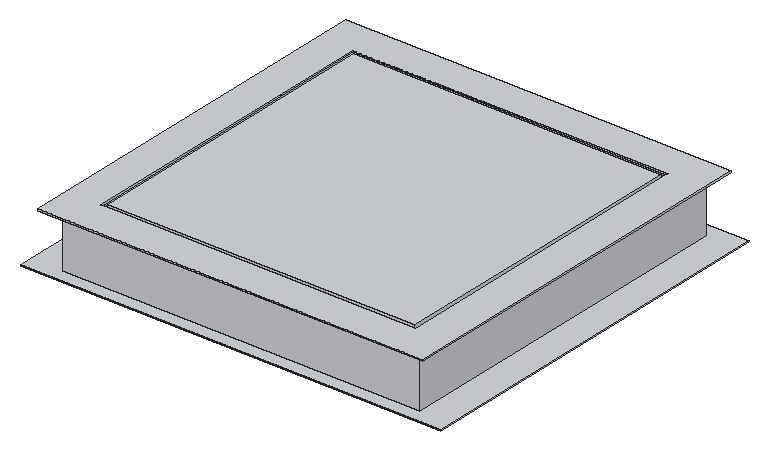
Revit family "Estrichüberdecktes Kanalsystem EÜK_UZD350-3_für_Estrichhöhe_70-125 mm", category Generic Models, Revit 2015
Parameters (values of type "UZD 350-3")
  URL = "http://www.obo-bettermann.com"
  Size "b" = 383 mm
  Size "a" = 362 mm
  Material = Steel, Galvanized
  Manufacturer Art. No. = "7410034"
  Manufacturer = "OBO Bettermann"
  HeightCalc = if(Height < 70 mm, 70 mm, (if(Height > 125 mm, 125 mm, Height)))  # 70 mm
  Height = 70 mm
  GTIN = "4012195431633"
  Cover Width = 373 mm
  Article Type = "UZD 350-3"
  "B" Dimension = 510 mm
  "A" Dimension = 467 mm
Reference planes
  plane 1 "Center (Front/Back)": y = 0
  plane 2: z = 0
  plane 3 "Center (Left/Right)": x = 0
  plane 4: z = 1
  plane 5: x = -255
  plane 6: y = -233.5
  plane 7: x = 255
  plane 8: y = 233.5
  plane 9: y = -217
  plane 10: x = 217
  plane 11: y = 217
  plane 12: x = -217
  plane 13: z = 68
  plane 14: z = 70
  plane 15: x = -233.5
  plane 16: x = 233.5
  plane 17: y = 191.5
  plane 18: x = 191.5
  plane 19: x = -191.5
  plane 20: y = -191.5
  plane 21: z = 66
  plane 22: y = 181
  plane 23: y = -181
  plane 24: x = 181
  plane 25: x = -181
  plane 26: y = -186.5
  plane 27: x = 186.5
  plane 28: y = 186.5
  plane 29: x = -186.5
Forms (mm)
  Extrusion 1, solid
    sketch origin (0, 0, 0) x (1, 0, 0) y (0, 1, 0)
      loop
        line (255, 233.5) -> (-255, 233.5) -> (-255, -233.5) -> (255, -233.5) -> (255, 233.5)
    from 0 to 1
  Extrusion 2, solid
    sketch origin (0, 0, 0) x (1, 0, 0) y (0, 1, 0)
      loop
        line (-217, 217) -> (-217, -217) -> (217, -217) -> (217, 217) -> (-217, 217)
    from 1 to 68
  Extrusion 3, solid
    sketch origin (0, 0, 0) x (1, 0, 0) y (0, 1, 0)
      loop
        line (-233.5, 233.5) -> (-233.5, -233.5) -> (233.5, -233.5) -> (233.5, 233.5) -> (-233.5, 233.5)
    from 68 to 70
  Extrusion 4, void
    sketch origin (0, 0, 0) x (1, 0, 0) y (0, 1, 0)
      loop
        line (-191.5, 191.5) -> (-191.5, -191.5) -> (191.5, -191.5) -> (191.5, 191.5) -> (-191.5, 191.5)
    from 66 to 70
  Extrusion 5, void
    sketch origin (0, 0, 0) x (1, 0, 0) y (0, 1, 0)
      loop
        line (-181, 181) -> (-181, -181) -> (181, -181) -> (181, 181) -> (-181, 181)
    from 1 to 66
  Extrusion 6, solid
    sketch origin (0, 0, 0) x (1, 0, 0) y (0, 1, 0)
      loop
        line (-186.5, 186.5) -> (-186.5, -186.5) -> (186.5, -186.5) -> (186.5, 186.5) -> (-186.5, 186.5)
    from 66 to 70
Cuts and joins
  Extrusion 4, Extrusion 5 cuts Extrusion 1
  Extrusion 4, Extrusion 5 cuts Extrusion 2
  Extrusion 4 cuts Extrusion 3
Lines and regions (mm)
  model lines
    curve 1: line (255, 233.5, 0) -> (-255, 233.5, 0)
    curve 2: line (255, 233.5, 0) -> (255, -233.5, 0)
    curve 3: line (255, -233.5, 0) -> (-255, -233.5, 0)
    curve 4: line (-255, -233.5, 0) -> (-255, 233.5, 0)
    curve 5: line (-217, 217, 0) -> (217, 217, 0)
    curve 6: line (217, 217, 0) -> (217, -217, 0)
    curve 7: line (217, -217, 0) -> (-217, -217, 0)
    curve 8: line (-217, -217, 0) -> (-217, 217, 0)
    curve 9: line (-233.5, 233.5, 0) -> (-233.5, -233.5, 0)
    curve 10: line (233.5, -233.5, 0) -> (233.5, 233.5, 0)
    curve 11: line (-191.5, 191.5, 0) -> (191.5, 191.5, 0)
    curve 12: line (191.5, 191.5, 0) -> (191.5, -191.5, 0)
    curve 13: line (191.5, -191.5, 0) -> (-191.5, -191.5, 0)
    curve 14: line (-191.5, -191.5, 0) -> (-191.5, 191.5, 0)
    curve 15: line (-181, 181, 0) -> (181, 181, 0)
    curve 16: line (181, 181, 0) -> (181, -181, 0)
    curve 17: line (181, -181, 0) -> (-181, -181, 0)
    curve 18: line (-181, -181, 0) -> (-181, 181, 0)
    curve 19: line (-186.5, 186.5, 0) -> (186.5, 186.5, 0)
    curve 20: line (186.5, 186.5, 0) -> (186.5, -186.5, 0)
    curve 21: line (186.5, -186.5, 0) -> (-186.5, -186.5, 0)
    curve 22: line (-186.5, -186.5, 0) -> (-186.5, 186.5, 0)
Dimensions and locks
  locked: level to plane 4 at 1
  equal spacing: plane 6, plane 1 "Center (Front/Back)", plane 8
  ""A" Dimension": plane 6 to plane 8
  equal spacing: plane 5, plane 3 "Center (Left/Right)", plane 7
  ""B" Dimension": plane 5 to plane 7
  locked: plane 13 to plane 14 at 2
  equal spacing: plane 19, plane 3 "Center (Left/Right)", plane 18
  "Size "b"": plane 19 to plane 18
  equal spacing: plane 17, plane 1 "Center (Front/Back)", plane 20
  "Size "b"": plane 17 to plane 20
  "HeightCalc": level to plane 14
  locked: plane 21 to plane 14 at 4
  equal spacing: plane 25, plane 3 "Center (Left/Right)", plane 24
  "Size "a"": plane 25 to plane 24
  equal spacing: plane 22, plane 1 "Center (Front/Back)", plane 23
  "Size "a"": plane 22 to plane 23
  equal spacing: plane 29, plane 3 "Center (Left/Right)", plane 27
  "Cover Width": plane 29 to plane 27
  equal spacing: plane 28, plane 1 "Center (Front/Back)", plane 26
  "Cover Width": plane 28 to plane 26
  locked: plane 11 to plane 8 at 16.5
  locked: plane 9 to plane 6 at 16.5
  locked: plane 10 to plane 7 at 38
  locked: plane 5 to plane 12 at 38
  locked: plane 5 to plane 15 at 21.5
  locked: plane 16 to plane 7 at 21.5
  aligned and locked: level to plane 2
  aligned and locked: plane 7 to curve 2
  aligned and locked: plane 5 to curve 4
  aligned and locked: Extrusion 1 sketch curve to curve 1
  aligned and locked: Extrusion 1 sketch curve to curve 2
  aligned and locked: Extrusion 1 sketch curve to curve 3
  aligned and locked: Extrusion 1 sketch curve to curve 4
  aligned and locked: plane 4 to Extrusion 1
  aligned and locked: plane 11 to curve 5
  aligned and locked: curve 6 to plane 10
  aligned and locked: plane 9 to curve 7
  aligned and locked: curve 8 to plane 12
  aligned and locked: Extrusion 2 sketch curve to curve 5
  aligned and locked: Extrusion 2 sketch curve to curve 6
  aligned and locked: Extrusion 2 sketch curve to curve 7
  aligned and locked: Extrusion 2 sketch curve to curve 8
  aligned and locked: plane 13 to Extrusion 2
  aligned and locked: Extrusion 2 to plane 4
  aligned and locked: curve 9 to plane 15
  aligned and locked: plane 16 to curve 10
  aligned and locked: Extrusion 3 sketch curve to curve 9
  aligned and locked: Extrusion 3 sketch curve to curve 10
  aligned and locked: plane 6 to Extrusion 3 sketch curve
  aligned and locked: Extrusion 3 sketch curve to plane 8
  aligned and locked: Extrusion 3 to plane 13
  aligned and locked: plane 14 to Extrusion 3
  aligned and locked: curve 11 to plane 17
  aligned and locked: curve 12 to plane 18
  aligned and locked: plane 20 to curve 13
  aligned and locked: curve 14 to plane 19
  aligned and locked: Extrusion 1 to level
  aligned and locked: Extrusion 4 sketch curve to curve 11
  aligned and locked: Extrusion 4 sketch curve to curve 12
  aligned and locked: Extrusion 4 sketch curve to curve 13
  aligned and locked: Extrusion 4 sketch curve to curve 14
  aligned and locked: plane 14 to Extrusion 4
  aligned and locked: Extrusion 4 to plane 21
  aligned and locked: curve 15 to plane 22
  aligned and locked: curve 16 to plane 24
  aligned and locked: plane 23 to curve 17
  aligned and locked: curve 18 to plane 25
  aligned and locked: Extrusion 5 sketch curve to curve 15
  aligned and locked: Extrusion 5 sketch curve to curve 18
  aligned and locked: Extrusion 5 sketch curve to curve 17
  aligned and locked: Extrusion 5 sketch curve to curve 16
  aligned and locked: plane 21 to Extrusion 5
  aligned and locked: Extrusion 5 to plane 4
  aligned and locked: curve 19 to plane 28
  aligned and locked: curve 20 to plane 27
  aligned and locked: curve 21 to plane 26
  aligned and locked: curve 22 to plane 29
  aligned and locked: Extrusion 6 sketch curve to curve 19
  aligned and locked: Extrusion 6 sketch curve to curve 22
  aligned and locked: Extrusion 6 sketch curve to curve 21
  aligned and locked: Extrusion 6 sketch curve to curve 20
  aligned and locked: Extrusion 6 to plane 21
  aligned and locked: plane 14 to Extrusion 6
Automatic sketch dimensions
  curve 10 to plane 6 = 0 mm
  plane 8 to curve 9 = 0 mm
